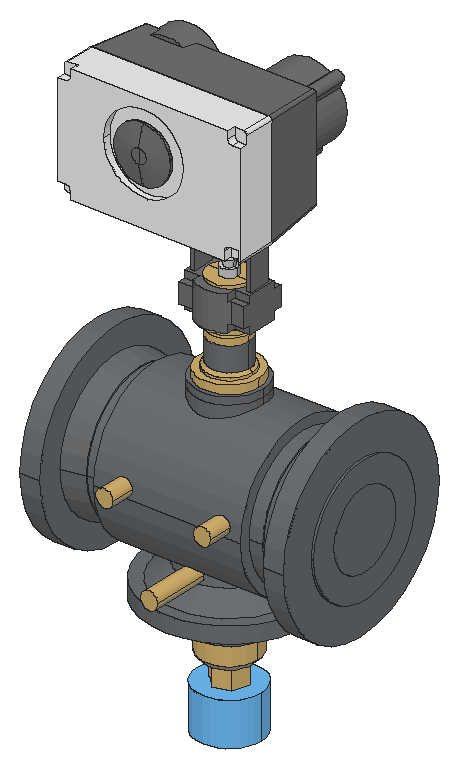
Revit family "AB-QM_DN50-100_AMV(E) 25 SD(SU)_RFA_1", category Pipe Accessories, Revit 2019 (continued)
Definition of nested family "Adapter_AMV(E) 15(25)(35)_RFA"
  Parameters (values of type "Adapter_AMV(E) 25_DN40-100_003Z0694")
    W = 45 mm
    URL = "https://store.danfoss.com/en/Climate-Solutions-for-heating/Hydronic-Balancing-and-Control/Pressure-independent-balancing-and-control/Pressure-Independent-Control-Valves-%28PICV%29/AB-QM-Accessories/Adapter-AMV-E-25-DN-40---100/p/003Z0694"
    Model Type = "Adapter_AMV(E) 25_DN40-100"
    Model = "003Z0694"
    Manufacturer = "Danfoss"  # constant formula
    L = 45 mm
    IfcExportType = "Adapter"  # constant formula
    IfcExportAs = "IfcValveType"  # constant formula
    H2 = 20 mm
    H1 = 20 mm
    H = 54.7 mm
    Description = "Adapter"  # constant formula
  Reference planes
    plane 1 "Center (Front/Back)": y = 0
    plane 2: z = 0
    plane 3 "Center (Left/Right)": x = 0
    plane 4: z = 54.7
    plane 5: x = -22.5
    plane 6: x = 22.5
    plane 7: z = 34.7
    plane 8: z = 34.7
  Forms (mm)
    Revolve 1, solid
      sketch origin (0, 0, 0) x (1, 0, 0) y (0, 0, 1)
        loop
          line (0, 34.7) -> (-17.5, 34.7) -> (-17.5, 29.396) -> (-14.5, 18.2) -> (-17.5, 18.2) -> (-17.5, 3.2) -> (-22.5, 3.2) -> (-22.5, 0) -> (0, 0) -> (0, 34.7)
        axis (0, 34.7) -> (0, 0)
      angle from 0 to 360
    Revolve 2, solid
      sketch origin (0, 0, 0) x (1, 0, 0) y (0, 0, 1)
        loop
          line (0, 54.7) -> (-3, 54.7) -> (-3, 52.7) -> (-2, 52.7) -> (-2, 48.7) -> (-4, 45.844) -> (-4, 41.2) -> (-7, 41.2) -> (-7, 34.7) -> (0, 34.7) -> (0, 54.7)
        axis (0, 54.7) -> (0, 34.7)
      angle from 0 to 360
  Dimensions and locks
    equal spacing: plane 6, plane 3 "Center (Left/Right)", plane 5
    "L": plane 6 to plane 5
    "H": plane 4 to plane 2
    plane 3 "Center (Left/Right)" to Revolve 1 sketch curve = 17.5 mm
    Revolve 1 sketch curve to Revolve 1 sketch curve = 3.2 mm
    "H1": plane 4 to plane 7
    "H2": plane 4 to plane 8
    aligned and locked: level to plane 2
    aligned and locked: Revolve 1 sketch curve to plane 3 "Center (Left/Right)"
    aligned and locked: Revolve 1 sketch curve to plane 5
    aligned and locked: Revolve 1 sketch curve to plane 2
    aligned and locked: Revolve 1 sketch curve to Revolve 1 sketch curve
    aligned and locked: Revolve 2 sketch curve to plane 3 "Center (Left/Right)"
    aligned and locked: Revolve 2 sketch curve to plane 4
    aligned and locked: Revolve 2 sketch curve to Revolve 2 sketch curve
    aligned and locked: Revolve 1 sketch curve to plane 7
    aligned and locked: Revolve 2 sketch curve to plane 8
  Automatic sketch dimensions
    Revolve 1 sketch curve to level = 0 mm
    plane 5 to Revolve 1 sketch curve = 5 mm
    Revolve 1 sketch curve to Revolve 1 sketch curve = 3 mm
    Revolve 1 sketch curve to Revolve 1 sketch curve = 15 mm
    Revolve 1 sketch curve to Revolve 1 sketch curve = 5.304 mm
    Revolve 2 sketch curve to plane 4 = 0 mm
    Revolve 2 sketch curve to plane 3 "Center (Left/Right)" = 2 mm
    Revolve 2 sketch curve to Revolve 2 sketch curve = 1 mm
    Revolve 2 sketch curve to plane 3 "Center (Left/Right)" = 4 mm
    Revolve 2 sketch curve to Revolve 2 sketch curve = 7 mm
    Revolve 2 sketch curve to Revolve 2 sketch curve = 4.644 mm
    Revolve 2 sketch curve to Revolve 2 sketch curve = 2.856 mm
    Revolve 2 sketch curve to plane 4 = 2 mm
    Revolve 2 sketch curve to Revolve 2 sketch curve = 4 mm
    Revolve 1 sketch curve to plane 7 = 0 mm
    plane 7 to Revolve 2 sketch curve = 2 mm
Definition of nested family "AMV(E) 25 SD(SU)_RFA"
  Parameters (values of type "AME 25 SD_082H3038")
    Weight = 2.30 kg
    W = 128.5 mm  # constant formula
    Voltage [instance] = 24 V
    URL = "https://store.danfoss.com/en/Climate-Solutions-for-heating/Motorised-Control-Valves/Actuators-for-Globe-Valves/Actuators-With-Safety-Function/c/4110?q=%3Arelevance%3Adanfoss_producttypehierarchydesc%3AAMV+25+SU%3Adanfoss_producttypehierarchydesc%3AAMV+25+SD%3Adanfoss_producttypehierarchydesc%3AAME+25+SU%3Adanfoss_producttypehierarchydesc%3AAME+25+SD&text="
    Speed = "15 s/mm"
    Safety Function = "Spring Down"
    Power [instance] = 14 VA
    Output Signal = "0-10 V"
    Model Type = "AME 25 SD"
    Model = "082H3038"
    Min Ambient Temperature = "0 °C"  # constant formula
    Max Stroke = 15 mm  # constant formula
    Max Medium Temperature = "150 °C"  # constant formula
    Max Ambient Temperature = "55 °C"  # constant formula
    Manufacturer = "Danfoss"  # constant formula
    LOD 350 [instance] = not(LOD 200)  # yes
    LOD 200 [instance] = no
    L = 155 mm
    IfcExportType = "AME 25 SD"
    IfcExportAs = "IfcActuatorType"  # constant formula
    H = 180 mm
    Description = "Gear Actuator"  # constant formula
    Control Input Signal = "0-10 V/ 0-20 mA"
    Closing Force = "450 N"
    Body Material = none
  Types (6, lengths in mm): name | Voltage | Safety Function | Power | Output Signal | Model Type | Model | IfcExportType | Control Input Signal
    AME 25 SD_082H3038 | 24 V | "Spring Down" | 14 VA | "0-10 V" | "AME 25 SD" | "082H3038" | "AME 25 SD" | "0-10 V/ 0-20 mA"
    AME 25 SU_082H3041 | 24 V | "Spring Up" | 14 VA | "0-10 V" | "AME 25 SU" | "082H3041" | "AME 25 SU" | "0-10 V/ 0-20 mA"
    AMV 25 SD_24V_082H3036 | 24 V | "Spring Down" | 12 VA | "End travel position feedback" | "AMV 25 SD" | "082H3036" | "AMV 25 SD" | "3-point triac control"
    AMV 25 SU_24V_082H3039 | 24 V | "Spring Up" | 12 VA | "End travel position feedback" | "AMV 25 SU" | "082H3039" | "AMV 25 SU" | "3-point triac control"
    AMV 25 SD_230V_082H3037 | 230 V | "Spring Down" | 12 VA | "End travel position feedback" | "AMV 25 SD" | "082H3037" | "AMV 25 SD" | "3-point triac control"
    AMV 25 SU_230V_082H3040 | 230 V | "Spring Up" | 12 VA | "End travel position feedback" | "AMV 25 SU" | "082H3040" | "AMV 25 SU" | "3-point triac control"
  Reference planes
    plane 1 "Center (Front/Back)": y = 0
    plane 2: z = 0
    plane 3 "Center (Left/Right)": x = 0
    plane 4: z = 180
    plane 5: x = 28
    plane 6 "1": x = -28
    plane 7: x = 51
    plane 8: x = -104
    plane 9: z = 74
    plane 10: z = 29.5
    plane 11: y = 71.5
    plane 12: y = -57
    plane 13: y = 34
    plane 14: y = 23
    plane 15: y = -23
    plane 16: x = 22
    plane 17: x = -22
    plane 18: x = 46
    plane 19: x = -99
    plane 20: z = 79
    plane 21: z = 175
    plane 22: z = 176
    plane 23: z = 78
    plane 24: y = -52
    plane 25: z = 173.2
    plane 26: z = 80.8
    plane 27: z = 134.5
    plane 28 "2": x = -31
    plane 29: x = -97
    plane 30: x = 44
    plane 31: x = -71.6
    plane 32: x = 11
    plane 33: y = -18.5
  Forms (mm)
    Extrusion 1, solid, material <- "Body Material", visible <- "LOD 350", detail levels fine
      sketch origin (0, 0, 0) x (1, 0, 0) y (0, 1, 0)
        loop
          arc (-16.248, -19) -> (0, -25) -> (16.248, -19) r 25
          line (16.248, -19) -> (27.62, -19) -> (27.62, 20) -> (15, 20)
          arc (15, 20) -> (0, 25) -> (-15, 20) r 25
          line (-15, 20) -> (-27.62, 20) -> (-27.62, -19) -> (-16.248, -19)
      from 0 to 29.5
    Extrusion 2, solid, material <- "Body Material", visible <- "LOD 350", detail levels fine
      sketch origin (0, 0, 0) x (1, 0, 0) y (0, 0, 1)
        loop
          line (22, 66.67) -> (22, 29.5) -> (25.4, 29.5) -> (25.4, 66.67) -> (22, 66.67)
      from -9 to 9
    Extrusion 3, solid, material <- "Body Material", visible <- "LOD 350", detail levels fine
      sketch origin (0, 0, 0) x (-1, 0, 0) y (0, 0, -1)
        loop
          line (22, -66.67) -> (25.4, -66.67) -> (25.4, -29.5) -> (22, -29.5) -> (22, -66.67)
      from -9 to 9
    Blend 4, solid, visible <- "LOD 350", detail levels fine
      base sketch origin (0, 0, 0) x (1, 0, 0) y (0, 0, 1)
        loop
          line (51, 80.879) -> (51, 173.2)
          arc (51, 173.2) -> (50.295, 175.174) -> (48.5, 176.255) r 3.117
          arc (48.5, 176.255) -> (-26.5, 180.013) -> (-101.5, 176.255) r 750.263
          arc (-101.5, 176.255) -> (-103.295, 175.174) -> (-104, 173.2) r 3.117
          line (-104, 173.2) -> (-104, 80.8)
          arc (-104, 80.8) -> (-103.295, 78.826) -> (-101.5, 77.745) r 3.117
          arc (-101.5, 77.745) -> (-26.535, 73.991) -> (48.429, 77.738) r 751.077
          arc (48.429, 77.738) -> (50.275, 78.849) -> (51, 80.879) r 3.204
      top sketch origin (0, 0, 0) x (1, 0, 0) y (0, 0, 1)
        loop
          line (-104, 173.2) -> (-104, 80.8)
          arc (-104, 80.8) -> (-103.295, 78.826) -> (-101.5, 77.745) r 3.117
          arc (-101.5, 77.745) -> (-26.535, 73.991) -> (48.429, 77.738) r 751.077
          arc (48.429, 77.738) -> (50.275, 78.849) -> (51, 80.879) r 3.204
          line (51, 80.879) -> (51, 173.2)
          arc (51, 173.2) -> (50.295, 175.174) -> (48.5, 176.255) r 3.117
          arc (48.5, 176.255) -> (-26.5, 180.013) -> (-101.5, 176.255) r 750.263
          arc (-101.5, 176.255) -> (-103.295, 175.174) -> (-104, 173.2) r 3.117
      from 18.5 to 52
    Revolve 5, solid, material <- "Body Material", visible <- "LOD 350", detail levels fine
      sketch origin (-31, 0, 0) x (0, 0, 1) y (0, -1, 0)
        loop
          line (158.578, 52) -> (158.578, 53.625) -> (140.681, 57) -> (134.5, 57) -> (134.5, 52) -> (158.578, 52)
        axis (134.5, 52) -> (134.5, 57)
      angle from 0 to 360
    Extrusion 6, void
      sketch origin (0, 0, 0) x (1, 0, 0) y (0, 0, 1)
        loop
          circle (-31, 134.5) r 34.064
      from 46 to 52
    Extrusion 7, void
      sketch origin (0, 0, 0) x (1, 0, 0) y (0, 0, 1)
        loop
          line (-105.641, 75.49) -> (-93.5, 75.49) -> (-93.5, 84.02)
          arc (-93.5, 84.02) -> (-94.489, 86.765) -> (-97, 88.25) r 4.307
          line (-97, 88.25) -> (-105.641, 88.25) -> (-105.641, 75.49)
        loop
          line (49.641, 75.49) -> (49.641, 88.25) -> (41, 88.25)
          arc (41, 88.25) -> (38.489, 86.765) -> (37.5, 84.02) r 4.307
          line (37.5, 84.02) -> (37.5, 75.49) -> (49.641, 75.49)
        loop
          line (-105.328, 179.135) -> (-105.328, 166.375) -> (-96.687, 166.375)
          arc (-96.687, 166.375) -> (-94.176, 167.86) -> (-93.188, 170.605) r 4.307
          line (-93.188, 170.605) -> (-93.188, 179.135) -> (-105.328, 179.135)
        loop
          line (52.766, 179.135) -> (40.625, 179.135) -> (40.625, 170.605)
          arc (40.625, 170.605) -> (41.614, 167.86) -> (44.125, 166.375) r 4.307
          line (44.125, 166.375) -> (52.766, 166.375) -> (52.766, 179.135)
      from 45 to 52
    Extrusion 8, solid, material <- "Body Material", detail levels fine
      sketch origin (0, 0, 0) x (1, 0, 0) y (0, 0, 1)
        loop
          circle (-71.6, 146.308) r 29.997
      from -23 to -46.962
    Extrusion 9, solid, material <- "Body Material", visible <- "LOD 350", detail levels fine
      sketch origin (0, 0, 0) x (1, 0, 0) y (0, 0, 1)
        loop
          arc (27.837, 163.055) -> (-1.542, 165.346) -> (-19.807, 142.22) r 31.304
          line (-19.807, 142.22) -> (-28.53, 141.451)
          arc (-28.53, 141.451) -> (-31.852, 140.071) -> (-33.778, 137.033) r 5.971
          arc (-33.778, 137.033) -> (-32.981, 132.201) -> (-28.837, 129.59) r 5.971
          line (-28.837, 129.59) -> (-19.332, 128.925)
          arc (-19.332, 128.925) -> (-8.72, 112.353) -> (9.686, 105.389) r 31.304
          line (9.686, 105.389) -> (12.15, 100.104)
          arc (12.15, 100.104) -> (17.501, 97.376) -> (21.546, 101.816) r 4.951
          line (21.546, 101.816) -> (22.032, 107.369)
          arc (22.032, 107.369) -> (40.861, 127.273) -> (36.815, 154.371) r 31.304
          line (36.815, 154.371) -> (39.673, 159.323)
          arc (39.673, 159.323) -> (38.894, 165.242) -> (32.975, 166.021) r 4.904
          line (32.975, 166.021) -> (27.837, 163.055)
      from -71.5 to -34
    Extrusion 10, void
      sketch origin (0, 0, 0) x (1, 0, 0) y (0, 0, 1)
        loop
          line (-31, 6.656) -> (-31, 0) -> (-15, 0) -> (-15, 6.656) -> (-31, 6.656)
        loop
          line (-31, 29.5) -> (-31, 23.7) -> (-14.998, 23.7) -> (-14.998, 29.5) -> (-31, 29.5)
        loop
          line (31, 6.656) -> (15, 6.656) -> (15, 0) -> (31, 0) -> (31, 6.656)
        loop
          line (31, 29.5) -> (14.998, 29.5) -> (14.998, 23.7) -> (31, 23.7) -> (31, 29.5)
      from 13 to 23
    Extrusion 11, void
      sketch origin (0, 0, 20) x (1, 0, 0) y (0, 0, 1)
        loop
          line (-31, -13.344) -> (-31, -20) -> (-15, -20) -> (-15, -13.344) -> (-31, -13.344)
        loop
          line (-31, 9.5) -> (-31, 3.075) -> (-14.998, 3.075) -> (-14.998, 9.5) -> (-31, 9.5)
        loop
          line (31, -13.344) -> (15, -13.344) -> (15, -20) -> (31, -20) -> (31, -13.344)
        loop
          line (31, 9.5) -> (14.998, 9.5) -> (14.998, 3.075) -> (31, 3.075) -> (31, 9.5)
      from -23 to -13
    Blend 12, solid, material <- "Body Material", visible <- "LOD 350", detail levels fine
      base sketch origin (0, 0, 0) x (1, 0, 0) y (0, 0, 1)
        loop
          line (46, 84.457) -> (46, 169.923)
          arc (46, 169.923) -> (45.381, 171.333) -> (44, 172.016) r 2.252
          arc (44, 172.016) -> (-26.5, 175.001) -> (-97, 172.016) r 833.803
          arc (-97, 172.016) -> (-98.399, 171.314) -> (-99, 169.868) r 2.245
          line (-99, 169.868) -> (-99, 84.555)
          arc (-99, 84.555) -> (-98.521, 83.217) -> (-97.303, 82.487) r 2.109
          arc (-97.303, 82.487) -> (-26.456, 78.998) -> (44.391, 82.496) r 720.254
          arc (44.391, 82.496) -> (45.546, 83.189) -> (46, 84.457) r 2
      top sketch origin (0, 0, 0) x (1, 0, 0) y (0, 0, 1)
        loop
          line (-104, 173.2) -> (-104, 80.8)
          arc (-104, 80.8) -> (-103.295, 78.826) -> (-101.5, 77.745) r 3.117
          arc (-101.5, 77.745) -> (-26.535, 73.991) -> (48.429, 77.738) r 751.077
          arc (48.429, 77.738) -> (50.275, 78.849) -> (51, 80.879) r 3.204
          line (51, 80.879) -> (51, 173.2)
          arc (51, 173.2) -> (50.295, 175.174) -> (48.5, 176.255) r 3.117
          arc (48.5, 176.255) -> (-26.5, 180.013) -> (-101.5, 176.255) r 750.263
          arc (-101.5, 176.255) -> (-103.295, 175.174) -> (-104, 173.2) r 3.117
      from -34 to 18.5
    Extrusion 13, solid, material <- "Body Material", visible <- "LOD 200", detail levels fine
      sketch origin (0, 0, 0) x (0, 1, 0) y (0, 0, 1)
        loop
          line (-18.5, 180) -> (-18.5, 74) -> (34, 74) -> (34, 180) -> (-18.5, 180)
      from -104 to 51
    Extrusion 14, solid, material <- "Body Material", visible <- "LOD 200", detail levels fine
      sketch origin (0, 0, 0) x (1, 0, 0) y (0, 1, 0)
        loop
          line (28, 23) -> (-28, 23) -> (-28, -23) -> (28, -23) -> (28, 23)
      from 0 to 29.5
    Extrusion 15, solid, visible <- "LOD 200", detail levels fine
      sketch origin (0, 0, 0) x (1, 0, 0) y (0, 0, 1)
        loop
          line (-104, 180) -> (-104, 74) -> (51, 74) -> (51, 180) -> (-104, 180)
      from 18.5 to 52
    Extrusion 16, solid, material <- "Body Material", visible <- "LOD 200", detail levels fine
      sketch origin (0, 0, 0) x (1, 0, 0) y (0, 0, 1)
        loop
          circle (11, 136.665) r 31.304
      from -71.5 to -34
    Extrusion 17, solid, material <- "Body Material", visible <- "LOD 200", detail levels fine
      sketch origin (0, 0, 0) x (1, 0, 0) y (0, 0, 1)
        loop
          line (-22, 74) -> (-25.625, 74) -> (-25.625, 29.5) -> (-22, 29.5) -> (-22, 74)
        loop
          line (22, 74) -> (22, 29.5) -> (25.625, 29.5) -> (25.625, 74) -> (22, 74)
      from -9.158 to 8.842
    Extrusion 18, solid, material <- "Body Material", visible <- "LOD 350", detail levels fine
      sketch origin (0, 0, 0) x (1, 0, 0) y (0, 1, 0)
        loop
          arc (-34.009, -3.471) -> (-33.748, -4.299) -> (-33.059, -4.828) r 1.445
          line (-33.059, -4.828) -> (-6.897, -15.933)
          arc (-6.897, -15.933) -> (-0.134, -17.309) -> (6.63, -15.933) r 17.31
          line (6.63, -15.933) -> (33.124, -4.803)
          arc (33.124, -4.803) -> (33.768, -4.27) -> (34.009, -3.471) r 1.445
          line (34.009, -3.471) -> (34.009, 3.471)
          arc (34.009, 3.471) -> (33.766, 4.277) -> (33.116, 4.814) r 1.457
          line (33.116, 4.814) -> (6.343, 16.053)
          arc (6.343, 16.053) -> (-0.134, 17.371) -> (-6.61, 16.053) r 16.576
          line (-6.61, 16.053) -> (-32.954, 4.871)
          arc (-32.954, 4.871) -> (-33.716, 4.347) -> (-34.009, 3.471) r 1.457
          line (-34.009, 3.471) -> (-34.009, -3.471)
      from 74 to 79
    Revolve 19, solid, material <- "Body Material", visible <- "LOD 350", detail levels fine
      sketch origin (0, 0, 0) x (1, 0, 0) y (0, 0, 1)
        loop
          line (0, 79) -> (0, 48.646) -> (4, 48.646) -> (4, 54.546) -> (1.999, 54.546) -> (1.999, 56.67) -> (8, 56.67) -> (8, 79) -> (0, 79)
        axis (0, 79) -> (0, 48.646)
      angle from 0 to 360
    Extrusion 20, solid, material <- "Body Material", detail levels fine
      sketch origin (0, 0, 0) x (1, 0, 0) y (0, 1, 0)
        loop
          line (-22, 9.521) -> (-32.954, 4.871)
          arc (-32.954, 4.871) -> (-33.716, 4.347) -> (-34.009, 3.471) r 1.457
          line (-34.009, 3.471) -> (-34.009, -3.471)
          arc (-34.009, -3.471) -> (-33.748, -4.299) -> (-33.059, -4.828) r 1.445
          line (-33.059, -4.828) -> (-22, -9.522) -> (-22, 9.521)
        loop
          line (33.116, 4.814) -> (22, 9.48) -> (22, -9.476) -> (33.124, -4.803)
          arc (33.124, -4.803) -> (33.768, -4.27) -> (34.009, -3.471) r 1.445
          line (34.009, -3.471) -> (34.009, 3.471)
          arc (34.009, 3.471) -> (33.766, 4.277) -> (33.116, 4.814) r 1.457
      from 66.308 to 74
  Cuts and joins
    Extrusion 6, Extrusion 7 cuts Blend 4
    Extrusion 10, Extrusion 11 cuts Extrusion 1
  Dimensions and locks
    "H": plane 4 to level
    "L": plane 7 to plane 8
    locked: plane 5 to plane 6 "1" at 56
    equal spacing: plane 5, plane 3 "Center (Left/Right)", plane 6 "1"
    locked: plane 4 to plane 9 at 106
    locked: plane 17 to plane 6 "1" at 6
    locked: plane 5 to plane 16 at 6
    plane 18 to plane 19 = 145 mm
    locked: plane 4 to plane 27 at 45.5
    locked: plane 3 "Center (Left/Right)" to plane 28 "2" at 31
    Extrusion 10 sketch curve to Extrusion 10 sketch curve to Extrusion 10 sketch curve = 16.002 mm, 0 mm
    Extrusion 10 sketch curve to Extrusion 10 sketch curve to Extrusion 10 sketch curve = 16 mm, 30 mm
    Extrusion 10 sketch curve to Extrusion 10 sketch curve = 29.996 mm
    Extrusion 10 sketch curve to Extrusion 10 sketch curve = 16.002 mm
    equal spacing: Extrusion 10 sketch curve, Extrusion 10 sketch curve, Extrusion 10 sketch curve
    Extrusion 11 sketch curve to Extrusion 11 sketch curve to Extrusion 11 sketch curve = 16.002 mm, 0 mm
    Extrusion 11 sketch curve to Extrusion 11 sketch curve to Extrusion 11 sketch curve = 16 mm, 30 mm
    Extrusion 11 sketch curve to Extrusion 11 sketch curve = 29.996 mm
    Extrusion 11 sketch curve to Extrusion 11 sketch curve = 16.002 mm
    equal spacing: Extrusion 11 sketch curve, Extrusion 11 sketch curve, Extrusion 11 sketch curve
    locked: plane 1 "Center (Front/Back)" to plane 33 at 18.5
    locked: Extrusion 3 to plane 10 at 37.17
    plane 24 to plane 11 = 123.5 mm
    locked: plane 12 to plane 24 at 5
    plane 24 to plane 33 = 33.5 mm
    plane 33 to plane 13 = 52.5 mm
    plane 24 to plane 1 "Center (Front/Back)" = 52 mm
    "W": plane 12 to plane 11
    plane 9 to Revolve 19 sketch curve = 25.354 mm
    radius of Extrusion 1 sketch curve = 25 mm  (x2)
    radius of Extrusion 6 sketch curve = 34.064 mm
    radius of Extrusion 8 sketch curve = 29.997 mm
    radius of Extrusion 9 sketch curve = 31.304 mm  (x2)
    radius of Extrusion 9 sketch curve = 4.904 mm
    radius of Extrusion 9 sketch curve = 4.951 mm
    radius of Extrusion 9 sketch curve = 5.971 mm  (x2)
    radius of Blend 12 sketch curve = 2 mm
    radius of Blend 12 sketch curve = 2.109 mm
    radius of Blend 12 sketch curve = 2.252 mm
    radius of Blend 12 sketch curve = 2.245 mm
    radius of Extrusion 16 sketch curve = 31.304 mm
    aligned and locked: level to plane 2
    aligned and locked: plane 3 "Center (Left/Right)" to Extrusion 1 sketch curve
    aligned and locked: plane 1 "Center (Front/Back)" to Extrusion 1 sketch curve
    aligned and locked: plane 10 to Extrusion 1
    aligned and locked: Extrusion 2 sketch curve to plane 16
    aligned and locked: Extrusion 2 sketch curve to plane 10
    aligned and locked: Extrusion 3 sketch curve to plane 17
    aligned and locked: Blend 4 sketch curve to plane 8
    aligned and locked: Blend 4 sketch curve to plane 7
    aligned and locked: plane 24 to Blend 4
    aligned and locked: plane 24 to Revolve 5 sketch curve
    aligned and locked: plane 27 to Revolve 5 sketch curve
    aligned and locked: plane 12 to Revolve 5 sketch curve
    aligned and locked: Revolve 5 sketch curve to plane 27
    aligned and locked: plane 28 "2" to Extrusion 6 sketch curve
    aligned and locked: plane 27 to Extrusion 6 sketch curve
    aligned and locked: plane 24 to Extrusion 7
    aligned and locked: Blend 4 to Extrusion 6
    aligned and locked: plane 31 to Extrusion 8 sketch curve
    aligned and locked: plane 32 to Extrusion 9 sketch curve
    aligned and locked: plane 13 to Extrusion 9
    aligned and locked: Extrusion 9 to plane 11
    aligned and locked: plane 14 to Extrusion 8
    aligned and locked: plane 15 to Extrusion 10
    aligned and locked: plane 10 to Extrusion 10 sketch curve
    aligned and locked: Extrusion 10 sketch curve to plane 10
    aligned and locked: Extrusion 11 sketch curve to level
    aligned and locked: level to Extrusion 11 sketch curve
    aligned and locked: plane 10 to Extrusion 11 sketch curve
    aligned and locked: Extrusion 11 sketch curve to plane 10
    aligned and locked: Extrusion 11 to plane 14
    aligned and locked: cut or joined group of Blend 4, Extrusion 6, Extrusion 7 to plane 33
    aligned and locked: Blend 4 sketch curve to var sketch  (x6)
    aligned and locked: plane 18 to Blend 12 sketch curve
    aligned and locked: plane 19 to Blend 12 sketch curve
    aligned and locked: Blend 12 sketch curve to cut or joined group of Blend 4, Extrusion 6, Extrusion 7  (x6)
    aligned and locked: plane 33 to Blend 12
    aligned and locked: Blend 12 to plane 13
    aligned and locked: plane 13 to Extrusion 13 sketch curve
    aligned and locked: plane 4 to Extrusion 13 sketch curve
    aligned and locked: plane 9 to Extrusion 13 sketch curve
    aligned and locked: Extrusion 14 sketch curve to plane 14
    aligned and locked: Extrusion 14 sketch curve to plane 6 "1"
    aligned and locked: Extrusion 14 sketch curve to plane 15
    aligned and locked: Extrusion 14 sketch curve to plane 5
    aligned and locked: plane 10 to Extrusion 14
    aligned and locked: plane 33 to Extrusion 13
    aligned and locked: Extrusion 15 sketch curve to plane 4
    aligned and locked: Extrusion 15 sketch curve to plane 7
    aligned and locked: Extrusion 15 sketch curve to plane 9
    aligned and locked: Extrusion 15 sketch curve to plane 8
    aligned and locked: Extrusion 15 to plane 33
    aligned and locked: plane 24 to Extrusion 15
    aligned and locked: Extrusion 16 sketch curve to Extrusion 9
    aligned and locked: plane 13 to Extrusion 16
    aligned and locked: Extrusion 16 to plane 11
    aligned and locked: Extrusion 17 sketch curve to plane 17
    aligned and locked: Extrusion 17 sketch curve to plane 16
    aligned and locked: Extrusion 17 sketch curve to plane 10  (x2)
    aligned and locked: Extrusion 17 sketch curve to plane 9  (x2)
    aligned and locked: plane 20 to Extrusion 18
    aligned and locked: Revolve 19 sketch curve to plane 3 "Center (Left/Right)"  (x2)
    aligned and locked: Revolve 19 sketch curve to plane 20
    aligned and locked: Extrusion 13 to Extrusion 18
    aligned and locked: Extrusion 18 to Extrusion 20 sketch curve  (x2)
    aligned and locked: Extrusion 20 sketch curve to Extrusion 18  (x6)
    aligned and locked: Extrusion 20 sketch curve to plane 17
    aligned and locked: Extrusion 20 sketch curve to plane 16
    aligned and locked: Extrusion 20 to Extrusion 13
  Automatic sketch dimensions
    Extrusion 1 sketch curve to Extrusion 1 sketch curve = 0 mm  (x2)
    plane 14 to Extrusion 1 sketch curve = 3 mm  (x2)
    Extrusion 1 sketch curve to plane 15 = 4 mm  (x2)
    plane 6 "1" to Extrusion 1 sketch curve = 0.38 mm
    Extrusion 1 sketch curve to plane 5 = 0.38 mm
    Blend 4 sketch curve to plane 26 = 0 mm
    Blend 4 sketch curve to plane 25 = 0 mm  (x2)
    Blend 4 sketch curve to plane 19 = 1.883 mm  (x2)
    plane 6 "1" to Blend 4 sketch curve = 1.5 mm  (x2)
    plane 26 to Blend 4 sketch curve = 0.079 mm
    Blend 4 sketch curve to Blend 4 sketch curve = 3.204 mm
    Blend 4 sketch curve to Blend 4 sketch curve = 3.117 mm
    Blend 4 sketch curve to level = 570.25 mm
    plane 4 to Blend 4 sketch curve = 645.068 mm
    plane 22 to Blend 4 sketch curve = 0.255 mm
    Blend 4 sketch curve to plane 23 = 0.255 mm
    Extrusion 7 sketch curve to plane 29 = 0 mm
    Extrusion 7 sketch curve to plane 29 = 0.494 mm
    Extrusion 7 sketch curve to plane 29 = 0.807 mm
    Extrusion 7 sketch curve to plane 8 = 1.328 mm
    Extrusion 7 sketch curve to plane 8 = 1.641 mm
    plane 29 to Extrusion 7 sketch curve = 0.313 mm
    plane 9 to Extrusion 7 sketch curve = 1.49 mm  (x2)
    plane 29 to Extrusion 7 sketch curve = 3.5 mm
    Extrusion 7 sketch curve to plane 4 = 0.865 mm  (x2)
    plane 29 to Extrusion 7 sketch curve = 3.812 mm
    Extrusion 7 sketch curve to plane 30 = 6.5 mm
    Extrusion 7 sketch curve to plane 30 = 3.375 mm
    Extrusion 7 sketch curve to plane 30 = 3 mm
    Extrusion 7 sketch curve to plane 30 = 2.193 mm
    plane 30 to Extrusion 7 sketch curve = 0.125 mm
    plane 30 to Extrusion 7 sketch curve = 0.932 mm
    Extrusion 7 sketch curve to plane 7 = 1.359 mm
    plane 7 to Extrusion 7 sketch curve = 1.766 mm
    plane 20 to Extrusion 7 sketch curve = 5.02 mm  (x2)
    Extrusion 7 sketch curve to plane 21 = 8.625 mm  (x2)
    plane 27 to Extrusion 8 sketch curve = 11.808 mm
    Extrusion 9 sketch curve to Extrusion 9 sketch curve = 0 mm  (x7)
    Extrusion 9 sketch curve to plane 32 = 1.314 mm
    plane 17 to Extrusion 9 sketch curve = 2.668 mm
    plane 17 to Extrusion 9 sketch curve = 2.193 mm
    Extrusion 9 sketch curve to plane 6 "1" = 0.006 mm
    Extrusion 9 sketch curve to plane 6 "1" = 0.53 mm
    Extrusion 9 sketch curve to plane 6 "1" = 0.837 mm
    plane 32 to Extrusion 9 sketch curve = 1.15 mm
    Extrusion 9 sketch curve to Extrusion 9 sketch curve = 4.463 mm
    Extrusion 9 sketch curve to plane 16 = 0.454 mm
    plane 16 to Extrusion 9 sketch curve = 0.032 mm
    Extrusion 9 sketch curve to plane 5 = 0.163 mm
    plane 5 to Extrusion 9 sketch curve = 4.975 mm
    Extrusion 9 sketch curve to Extrusion 9 sketch curve = 2.452 mm
    Extrusion 9 sketch curve to plane 30 = 7.185 mm
    Extrusion 9 sketch curve to plane 30 = 4.327 mm
    plane 20 to Extrusion 9 sketch curve = 21.104 mm
    Extrusion 9 sketch curve to Extrusion 9 sketch curve = 5.284 mm
    Extrusion 9 sketch curve to Extrusion 9 sketch curve = 5.553 mm
    Extrusion 9 sketch curve to plane 27 = 4.91 mm
    Extrusion 9 sketch curve to Extrusion 9 sketch curve = 4.951 mm
    plane 27 to Extrusion 9 sketch curve = 2.533 mm
    Extrusion 10 sketch curve to plane 28 "2" = 0 mm
    Extrusion 10 sketch curve to level = 0 mm  (x2)
    plane 5 to Extrusion 10 sketch curve = 3 mm
    level to Extrusion 10 sketch curve = 6.656 mm  (x2)
    Extrusion 10 sketch curve to Extrusion 10 sketch curve = 5.8 mm  (x2)
    Extrusion 11 sketch curve to plane 28 "2" = 0 mm
    plane 5 to Extrusion 11 sketch curve = 3 mm
    Extrusion 11 sketch curve to plane 10 = 22.844 mm  (x2)
    Extrusion 11 sketch curve to Extrusion 11 sketch curve = 6.425 mm  (x2)
    Blend 12 sketch curve to plane 29 = 0 mm
    Blend 12 sketch curve to plane 30 = 0 mm
    plane 6 "1" to Blend 12 sketch curve = 1.5 mm  (x2)
    Blend 12 sketch curve to plane 30 = 0.247 mm
    plane 20 to Blend 12 sketch curve = 5.457 mm
    level to Blend 12 sketch curve = 84.555 mm
    Blend 12 sketch curve to plane 21 = 5.222 mm
    Blend 12 sketch curve to Blend 12 sketch curve = 0.085 mm
    plane 4 to Blend 12 sketch curve = 619.252 mm
    Blend 12 sketch curve to plane 29 = 0.303 mm
    Blend 12 sketch curve to level = 658.801 mm
    Extrusion 13 sketch curve to plane 24 = 33.5 mm
    Extrusion 17 sketch curve to Extrusion 17 sketch curve = 3.625 mm  (x2)
    Extrusion 3 sketch curve to plane 10 = 0 mm
    Extrusion 3 sketch curve to plane 6 "1" = 2.6 mm
    plane 9 to Extrusion 3 sketch curve = 7.33 mm
    Extrusion 2 sketch curve to plane 5 = 2.6 mm
    Extrusion 2 sketch curve to plane 9 = 7.33 mm
    Extrusion 18 sketch curve to plane 28 "2" = 3.009 mm
    Extrusion 18 sketch curve to Extrusion 18 sketch curve = 0.951 mm
    Extrusion 18 sketch curve to Extrusion 18 sketch curve = 1.055 mm
    Extrusion 18 sketch curve to Extrusion 18 sketch curve = 1.445 mm
    Extrusion 18 sketch curve to Extrusion 18 sketch curve = 0.402 mm
    Extrusion 18 sketch curve to plane 3 "Center (Left/Right)" = 6.897 mm
    Extrusion 18 sketch curve to plane 3 "Center (Left/Right)" = 6.61 mm
    Extrusion 18 sketch curve to plane 1 "Center (Front/Back)" = 0.001 mm
    Extrusion 18 sketch curve to plane 3 "Center (Left/Right)" = 0.134 mm  (x2)
    Extrusion 18 sketch curve to plane 32 = 4.657 mm
    Extrusion 18 sketch curve to plane 32 = 4.37 mm
    plane 5 to Extrusion 18 sketch curve = 4.552 mm
    plane 5 to Extrusion 18 sketch curve = 4.564 mm
    Extrusion 18 sketch curve to Extrusion 18 sketch curve = 0.564 mm
    Extrusion 18 sketch curve to Extrusion 18 sketch curve = 1.457 mm
    plane 1 "Center (Front/Back)" to Extrusion 18 sketch curve = 3.471 mm  (x2)
    Extrusion 18 sketch curve to plane 33 = 2.567 mm
    Extrusion 18 sketch curve to Extrusion 18 sketch curve = 0.794 mm
    Extrusion 18 sketch curve to plane 1 "Center (Front/Back)" = 3.471 mm  (x2)
    plane 14 to Extrusion 18 sketch curve = 6.947 mm
    Extrusion 18 sketch curve to Extrusion 18 sketch curve = 0.56 mm
    plane 3 "Center (Left/Right)" to Revolve 19 sketch curve = 1.999 mm
    Revolve 19 sketch curve to Revolve 19 sketch curve = 2.001 mm
    Revolve 19 sketch curve to plane 32 = 3 mm
    Revolve 19 sketch curve to Revolve 19 sketch curve = 2.124 mm
    Revolve 19 sketch curve to Revolve 19 sketch curve = 5.9 mm
    plane 10 to Revolve 19 sketch curve = 6.895 mm
    plane 20 to Revolve 19 sketch curve = 3.665 mm
    Extrusion 20 sketch curve to plane 1 "Center (Front/Back)" = 4.814 mm
    Extrusion 20 sketch curve to Extrusion 20 sketch curve = 0.56 mm
    plane 27 to Revolve 5 sketch curve = 6.181 mm
    plane 24 to Revolve 5 sketch curve = 1.625 mm
    Revolve 5 sketch curve to plane 21 = 16.422 mm
    Revolve 5 sketch curve to plane 24 = 5 mm
    plane 12 to Revolve 5 sketch curve = 23.677 mm
Definition of nested family "Schematic_PICV_Actuator_Flange"
  Parameters (values of type "Schematic_PICV_Actuator_Flange")
    L_1 = 3 / 5 * L  # 210 mm
    L1 = L / 15  # 23.333 mm
    L = 350 mm
    H4 = D / 2  # 55 mm
    H2 = 4 / 5 * L  # 280 mm
    H1 = L  # 350 mm
    D = 110 mm
  Reference planes
    plane 1 "Center (Front/Back)": y = 0
    plane 2: z = 0
    plane 3 "Center (Left/Right)": x = 0
    plane 4: x = 105
    plane 5: x = -105
    plane 6: z = 55
    plane 7: z = -55
    plane 8: z = 350
    plane 9: x = 151.667
    plane 10: x = -151.667
    plane 11: y = 55
    plane 12: y = -55
    plane 13: y = 350
    plane 14: y = -280
    plane 15: z = -280
    plane 16: z = -225
    plane 17: y = -225
    plane 18: z = -170
    plane 19: y = -170
    plane 20: z = 140
    plane 21: y = 140
    plane 22: x = -175
    plane 23: x = 175
  Lines and regions (mm)
    model lines
      curve 1: line (0, 0, 140) -> (0, 0, -170)
      curve 2: line (0, 0, 0) -> (-151.667, 0, 55)
      curve 3: line (-151.667, 0, 55) -> (-151.667, 0, -55)
      curve 4: line (-151.667, 0, -55) -> (0, 0, 0)
      curve 5: line (0, 0, 0) -> (151.667, 0, 55)
      curve 6: line (151.667, 0, 55) -> (151.667, 0, -55)
      curve 7: line (151.667, 0, -55) -> (0, 0, 0)
      curve 8: spline (-105, 0, -225) -> (-101.422, 0, -239.235) -> (-90.933, 0, -252.5) -> (-74.246, 0, -263.891) -> (-52.5, 0, -272.631) -> (-27.176, 0, -278.126) -> (0, 0, -280) -> (27.176, 0, -278.126) -> (52.5, 0, -272.631) -> (74.246, 0, -263.891) -> (90.933, 0, -252.5) -> (101.422, 0, -239.235) -> (105, 0, -225) -> (101.422, 0, -210.765) -> (90.933, 0, -197.5) -> (74.246, 0, -186.109) -> (52.5, 0, -177.369) -> (27.176, 0, -171.874) -> (0, 0, -170) -> (-27.176, 0, -171.874) -> (-52.5, 0, -177.369) -> (-74.246, 0, -186.109) -> (-90.933, 0, -197.5) -> (-101.422, 0, -210.765) -> (-105, 0, -225)
      curve 9: line (-105, 0, -225) -> (105, 0, -225)
      curve 10: line (-105, 0, 350) -> (105, 0, 350)
      curve 11: line (-105, 0, 350) -> (-105, 0, 140)
      curve 12: line (-105, 0, 140) -> (105, 0, 140)
      curve 13: line (105, 0, 140) -> (105, 0, 350)
      curve 27: line (-175, 0, 55) -> (-175, 0, -55)
      curve 28: line (175, 0, 55) -> (175, 0, -55)
    symbolic lines
      curve 14: line (151.667, 55, 0) -> (151.667, -55, 0)
      curve 15: line (-151.667, 55, 0) -> (-151.667, -55, 0)
      curve 16: line (-151.667, 55, 0) -> (0, 0, 0)
      curve 17: line (0, 0, 0) -> (-151.667, -55, 0)
      curve 18: line (0, 0, 0) -> (151.667, -55, 0)
      curve 19: line (0, 0, 0) -> (151.667, 55, 0)
      curve 20: line (0, 140, 0) -> (0, -170, 0)
      curve 21: spline (-105, -225, 0) -> (-101.422, -239.235, 0) -> (-90.933, -252.5, 0) -> (-74.246, -263.891, 0) -> (-52.5, -272.631, 0) -> (-27.176, -278.126, 0) -> (0, -280, 0) -> (27.176, -278.126, 0) -> (52.5, -272.631, 0) -> (74.246, -263.891, 0) -> (90.933, -252.5, 0) -> (101.422, -239.235, 0) -> (105, -225, 0) -> (101.422, -210.765, 0) -> (90.933, -197.5, 0) -> (74.246, -186.109, 0) -> (52.5, -177.369, 0) -> (27.176, -171.874, 0) -> (0, -170, 0) -> (-27.176, -171.874, 0) -> (-52.5, -177.369, 0) -> (-74.246, -186.109, 0) -> (-90.933, -197.5, 0) -> (-101.422, -210.765, 0) -> (-105, -225, 0)
      curve 22: line (105, -225, 0) -> (-105, -225, 0)
      curve 23: line (105, 350, 0) -> (-105, 350, 0)
      curve 24: line (-105, 350, 0) -> (-105, 140, 0)
      curve 25: line (-105, 140, 0) -> (105, 140, 0)
      curve 26: line (105, 140, 0) -> (105, 350, 0)
      curve 29: line (-175, 55, 0) -> (-175, -55, 0)
      curve 30: line (175, 55, 0) -> (175, -55, 0)
  Dimensions and locks
    equal spacing: plane 4, plane 3 "Center (Left/Right)", plane 5
    "D": plane 6 to plane 7
    equal spacing: plane 6, level, plane 7
    equal spacing: plane 9, plane 3 "Center (Left/Right)", plane 10
    "D": plane 12 to plane 11
    equal spacing: plane 12, plane 1 "Center (Front/Back)", plane 11
    "H1": plane 1 "Center (Front/Back)" to plane 13
    "H2": plane 14 to plane 1 "Center (Front/Back)"
    "H1": plane 8 to level
    "H2": level to plane 15
    "H4": plane 16 to plane 15
    "H4": plane 14 to plane 17
    equal spacing: plane 18, plane 16, plane 15
    equal spacing: plane 14, plane 17, plane 19
    "L_1": plane 4 to plane 5
    "L_1": plane 8 to plane 20
    "L_1": plane 21 to plane 13
    "L1": plane 10 to plane 22
    "L1": plane 23 to plane 9
    "L": plane 23 to plane 22
    aligned and locked: level to plane 2
    aligned and locked: plane 18 to curve 8
    aligned and locked: plane 15 to curve 8
    aligned and locked: plane 4 to curve 8
    aligned and locked: plane 5 to curve 8
    aligned and locked: plane 5 to curve 10
    aligned and locked: plane 4 to curve 10
    aligned and locked: curve 27 to plane 22
    aligned and locked: curve 28 to plane 23
    aligned and locked: plane 17 to curve 21
    aligned and locked: plane 3 "Center (Left/Right)" to curve 21
    aligned and locked: plane 19 to curve 21
  Automatic sketch dimensions
    curve 27 to plane 7 = 0 mm
    curve 4 to plane 7 = 0 mm
    curve 4 to plane 10 = 0 mm
    curve 7 to level = 0 mm
    curve 7 to plane 3 "Center (Left/Right)" = 0 mm
    curve 7 to plane 7 = 0 mm
    curve 7 to plane 9 = 0 mm
    curve 28 to plane 7 = 0 mm
    curve 9 to plane 16 = 0 mm
    curve 4 to level = 0 mm
    curve 5 to level = 0 mm
    curve 3 to plane 6 = 0 mm
    curve 28 to plane 6 = 0 mm
    curve 6 to plane 6 = 0 mm
    curve 27 to plane 6 = 0 mm
    curve 12 to plane 20 = 0 mm
    curve 10 to plane 8 = 0 mm
    plane 11 to curve 29 = 0 mm
    curve 29 to plane 22 = 0 mm
    curve 15 to plane 10 = 0 mm
    curve 24 to plane 5 = 0 mm
    curve 22 to plane 5 = 0 mm
    curve 20 to plane 3 "Center (Left/Right)" = 0 mm
    plane 1 "Center (Front/Back)" to curve 16 = 0 mm
    curve 16 to plane 3 "Center (Left/Right)" = 0 mm
    curve 26 to plane 4 = 0 mm
    curve 18 to plane 9 = 0 mm
    plane 12 to curve 30 = 0 mm
    curve 30 to plane 23 = 0 mm
    plane 17 to curve 22 = 0 mm
    plane 12 to curve 17 = 0 mm
    plane 12 to curve 14 = 0 mm
    plane 12 to curve 29 = 0 mm
    plane 11 to curve 30 = 0 mm
    plane 11 to curve 19 = 0 mm
    plane 11 to curve 16 = 0 mm
    plane 21 to curve 25 = 0 mm
    plane 21 to curve 20 = 0 mm
    plane 13 to curve 23 = 0 mm
Types (7, lengths in mm): name | Z5 | Z4 | Z3 | Z2 | Z1 | YMAX | Weight | W2D | W1 | W | TP_L | TP_H | TP_D | TP_BIG | TP_50 | TP2_W | TP2_L | TP2_H_1 | TP2_H | TP2_D | TP BIG_350 | TD | Stroke | RV4 | RV3 | RV2 | RV1_1 | RV1 | RTN_2 | RTN | RT5 | RT3_1 | RT3 | RT2 | RN1 | RN | RB_1 | RB5 | RB4 | RB3 | RB1_1 | RB11 | RB10 | RB1 | RB | R1 | Nominal Flow (Text) | Nominal Flow | Model Type | Model | Min Differential Pressure | L_2 | LV1 | LM_2 | LM | LF__ve | LF | L2D | L | Ha | HH | H2_9 | H2_6_1 | H2_6 | H2_5 | H2_4 | H2_3__ve | H2_3 | H2 | H1_6_2 | H1_6_1 | H1_6 | H1_3_5 | H1_3_4 | H1_3_2 | H1_3_3 | H1_3 | H1_6_3 | H1_1__ve | H1_1 | H1N2 | H1N1 | H1 | H0 | H | DN | D | CenSd_RN_6
  AB-QM_DN50_003Z0772 | 38.4 | 84.7 | 89.1 | 52.3 | 78.7 | 82.5 | 14.20 kg | 50 | 82.5 | 167.5 | 106 | 10 | 14.6 | no | yes | 10 | 20 | 1 | 85 | 10 | no | 165 | "10 mm" | 53.6 | 57.8 | 61.9 | 66 | 1 | 11 | 17 | 2.3 | 29 | 1 | 10 | 14.5 | 2.3 | 29 | 25.5 | 1 | 19.5 | 12 | 1 | 1 | 17 | 1 | 82.5 | "12500 l/h" | 12.5 m³/h | "AB-QM_DN50" | "003Z0772" | "30 kPa" | 115 | 20 | 62.5 | 125 | -17 | 17 | 230 | 230 | 303.6 | 347.8 | 8 | 50 | -53 | 27 | 11 | -8 | 8 | 191.6 | 2 | 7 | 6 | 3 | 7 | 1.5 | 6.5 | 20 | 3 | -23 | 23 | 3.1 | 5.7 | 156.2 | 71 | 495.2 | 50 | 50 | 1.992
  AB-QM_DN65_003Z0773 | 41.31 | 93.57 | 99.9 | 49.78 | 95.53 | 92.5 | 38.00 kg | 65 | 101 | 202 | 106 | 90 | 18.5 | yes | no | 96.5 | 39.911 | 65 | 1 | 22 | yes | 185 | "15 mm" | 60.125 | 64.75 | 69.375 | 74 | 74 | 10 | 16.5 | 2.9 | 34.5 | 34.5 | 10 | 14.5 | 10 | 69.6 | 21 | 39.15 | 21 | 18.8 | 29 | 101 | 18.85 | 69.6 | 92.5 | "20000 l/h" | 20.0 m³/h | "AB-QM_DN65" | "003Z0773" | "30 kPa" | 145 | 8.7 | 62.5 | 125 | -17 | 17 | 290 | 290 | 352.36 | 378 | 5.16 | 0 | 8.5 | 9.5 | 10.32 | -43 | 43 | 173 | 7.4 | 14.4 | 20 | 3.5 | 7 | 1.5 | 6.5 | 17 | 4.66 | -23 | 23 | 3 | 6 | 205 | 94 | 525.36 | 65 | 65 | 8.66
  AB-QM_DN65HF_003Z0793 | 41.31 | 93.57 | 99.9 | 49.78 | 95.53 | 92.5 | 38.00 kg | 65 | 101 | 202 | 106 | 90 | 18.5 | yes | no | 96.5 | 39.911 | 65 | 1 | 22 | yes | 185 | "15 mm" | 60.125 | 64.75 | 69.375 | 74 | 74 | 10 | 16.5 | 2.9 | 34.5 | 34.5 | 10 | 14.5 | 10 | 69.6 | 21 | 39.15 | 21 | 18.8 | 29 | 101 | 18.85 | 69.6 | 92.5 | "25000 l/h" | 25.0 m³/h | "AB-QM_DN65HF" | "003Z0793" | "60 kPa" | 145 | 8.7 | 62.5 | 125 | -17 | 17 | 290 | 290 | 352.36 | 378 | 5.16 | 0 | 8.5 | 9.5 | 10.32 | -43 | 43 | 173 | 7.4 | 14.4 | 20 | 3.5 | 7 | 1.5 | 6.5 | 17 | 4.66 | -23 | 23 | 3 | 6 | 205 | 94 | 525.36 | 65 | 65 | 8.66
  AB-QM_DN80_003Z0774 | 41.31 | 93.57 | 99.9 | 49.78 | 95.53 | 92.5 | 45.00 kg | 65 | 109 | 218 | 114 | 90 | 18.5 | yes | no | 96.5 | 39.911 | 65 | 1 | 22 | yes | 190 | "15 mm" | 60.125 | 64.75 | 69.375 | 80 | 80 | 10.5 | 16.5 | 2.9 | 34.5 | 34.5 | 10 | 15.5 | 10 | 75 | 22.5 | 39.15 | 21 | 18 | 29 | 109 | 18.8 | 75 | 95 | "28000 l/h" | 28.0 m³/h | "AB-QM_DN80" | "003Z0774" | "30 kPa" | 155 | 9.3 | 67.5 | 135 | -17.4 | 17.4 | 310 | 310 | 357.56 | 387 | 5.16 | 0 | 8 | 14 | 7.5 | -48 | 48 | 177 | 7 | 13 | 20 | 3 | 7.5 | 1.5 | 6.5 | 18 | 4.66 | -23.6 | 23.6 | 2.8 | 6 | 210 | 100 | 534.56 | 80 | 80 | 8.66
  AB-QM_DN100_003Z0775 | 41.31 | 93.57 | 99.9 | 53.1 | 95.53 | 92.5 | 57.00 kg | 65 | 124 | 248 | 125 | 104.5 | 18.5 | yes | no | 96.5 | 39.911 | 65 | 1 | 22 | yes | 220 | "15 mm" | 60.125 | 64.75 | 69.375 | 88 | 88 | 10.5 | 16.5 | 2.9 | 34.5 | 34.5 | 11 | 17.5 | 10 | 85 | 22.5 | 39.15 | 21 | 18 | 29 | 124 | 18.8 | 85 | 110 | "38000 l/h" | 38.0 m³/h | "AB-QM_DN100" | "003Z0775" | "30 kPa" | 175 | 12 | 77.5 | 155 | -19 | 19 | 350 | 350 | 352.36 | 413 | 5.16 | 0 | 8 | 14 | 7.5 | -52 | 52 | 187 | 7 | 13 | 19 | 3.5 | 7.5 | 1.2 | 6.8 | 19 | 4.66 | -34 | 34 | 2.8 | 6 | 226 | 116 | 525.36 | 100 | 100 | 8.66
  AB-QM_DN100HF_003Z0795 | 41.31 | 93.57 | 99.9 | 53.1 | 95.53 | 92.5 | 57.00 kg | 65 | 124 | 248 | 125 | 104.5 | 18.5 | yes | no | 96.5 | 39.911 | 65 | 1 | 22 | yes | 220 | "15 mm" | 60.125 | 64.75 | 69.375 | 88 | 88 | 10.5 | 16.5 | 2.9 | 34.5 | 34.5 | 11 | 17.5 | 10 | 85 | 22.5 | 39.15 | 21 | 18 | 29 | 124 | 18.8 | 85 | 110 | "59000 l/h" | 59.0 m³/h | "AB-QM_DN100HF" | "003Z0795" | "60 kPa" | 175 | 12 | 77.5 | 155 | -19 | 19 | 350 | 230 | 352.36 | 413 | 5.16 | 0 | 8 | 14 | 7.5 | -52 | 52 | 187 | 7 | 13 | 19 | 3.5 | 7.5 | 1.2 | 6.8 | 19 | 4.66 | -34 | 34 | 2.8 | 6 | 226 | 116 | 525.36 | 100 | 100 | 8.66
  AB-QM_DN80HF_003Z0794 | 41.31 | 93.57 | 99.9 | 49.78 | 95.53 | 92.5 | 45.00 kg | 65 | 109 | 218 | 114 | 90 | 18.5 | yes | no | 96.5 | 39.911 | 65 | 1 | 22 | yes | 190 | "15 mm" | 60.125 | 64.75 | 69.375 | 80 | 80 | 10.5 | 16.5 | 2.9 | 34.5 | 34.5 | 10 | 15.5 | 10 | 75 | 22.5 | 39.15 | 21 | 18 | 29 | 109 | 18.8 | 75 | 95 | "40000 l/h" | 40.0 m³/h | "AB-QM_DN80HF" | "003Z0794" | "60 kPa" | 155 | 9.3 | 67.5 | 135 | -17.4 | 17.4 | 310 | 310 | 357.56 | 387 | 5.16 | 0 | 8 | 14 | 7.5 | -48 | 48 | 177 | 7 | 13 | 20 | 3 | 7.5 | 1.5 | 6.5 | 18 | 4.66 | -23.6 | 23.6 | 2.8 | 6 | 210 | 100 | 534.56 | 80 | 80 | 8.66
